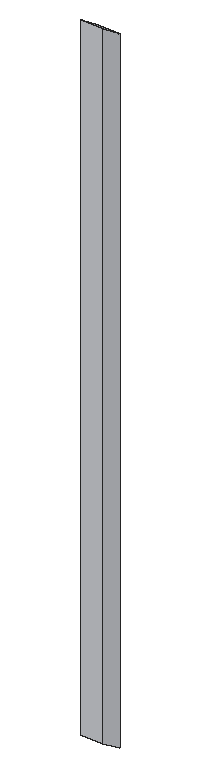
Revit family "M_Baluster - Square", category Balusters, Revit 2018
Family settings
  OmniClass Number = 23.30.80.11.11.14
  OmniClass Title = Posts, Newel Posts, Pickets
  Always vertical = Yes
  Cut with Voids When Loaded = No
  Shared = No
Parameters (values of type "25mm")
  built-in parameter 1008623 [instance] = 32.47°
  built-in parameter 1008625 [instance] = (empty or 0)
  Post = no
  built-in parameter 1008624 [instance] = 32.47°
  Width = 25 mm
  Baluster Material = none
  built-in parameter 1008622 [instance] = 750 mm
Types (2, lengths in mm): name | Width
  25mm | 25
  20mm | 20
Reference planes
  plane 1 "Center (Front/Back)": y = 0
  plane 2: z = 0
  plane 3 "Center (Left/Right)": x = 0
  plane 4 "Top": z = 750
  plane 5 "Top Angle Cut": through (0, 339.699, 533.838) normal (0, -0.5369, -0.8437)
  plane 6: z = 850
  plane 7: x = -25
  plane 8: x = 25
  plane 9: y = 25
  plane 10: y = -25
  plane 11 "Bottom Angle Cut": through (0, 0, 0) normal (0, -0.5369, -0.8437)
  plane 12: z = -100
Forms (mm)
  Extrusion 1, solid, material <- "Baluster Material"
    sketch origin (0, 0, 0) x (1, 0, 0) y (0, 1, 0)
      loop
        line (-12.5, 12.5) -> (-12.5, -12.5) -> (12.5, -12.5) -> (12.5, 12.5) -> (-12.5, 12.5)
    from -100 to 850
  Extrusion 2, void
    sketch origin (0, 0, 0) x (0, 1, 0) y (0, 0, 1)
      loop
        line (-25, 850) -> (-25, 765.908) -> (25, 734.092) -> (25, 850) -> (-25, 850)
      loop
        line (-25, -100) -> (25, -100) -> (25, -15.908) -> (-25, 15.908) -> (-25, -100)
    from -25 to 25
Cuts and joins
  Extrusion 2 cuts Extrusion 1
Dimensions and locks
  "built-in parameter 1008622": plane 2 to plane 4 "Top"
  locked: plane 4 "Top" to plane 6 at 100
  equal spacing: Extrusion 1 sketch curve, plane 3 "Center (Left/Right)", Extrusion 1 sketch curve
  equal spacing: Extrusion 1 sketch curve, plane 1 "Center (Front/Back)", Extrusion 1 sketch curve
  "Width": Extrusion 1 sketch curve to Extrusion 1 sketch curve  (x2)
  "Width": plane 7 to plane 3 "Center (Left/Right)"
  "Width": plane 3 "Center (Left/Right)" to plane 8
  "Width": plane 10 to plane 1 "Center (Front/Back)"
  "Width": plane 1 "Center (Front/Back)" to plane 9
  locked: level to plane 12 at 100
  "built-in parameter 1008623": angle plane 4 "Top" to plane 5 "Top Angle Cut"
  "built-in parameter 1008624": angle level to plane 11 "Bottom Angle Cut"
  aligned and locked: Extrusion 1 to plane 6
  aligned and locked: Extrusion 2 to plane 7
  aligned and locked: plane 8 to Extrusion 2
  aligned and locked: plane 6 to Extrusion 2 sketch curve
  aligned and locked: plane 9 to Extrusion 2 sketch curve
  aligned and locked: plane 10 to Extrusion 2 sketch curve  (x2)
  aligned and locked: Extrusion 2 sketch curve to plane 5 "Top Angle Cut"
  aligned and locked: plane 12 to Extrusion 1
  aligned and locked: plane 12 to Extrusion 2 sketch curve
  aligned and locked: Extrusion 2 sketch curve to plane 9
  aligned and locked: Extrusion 2 sketch curve to plane 11 "Bottom Angle Cut"
